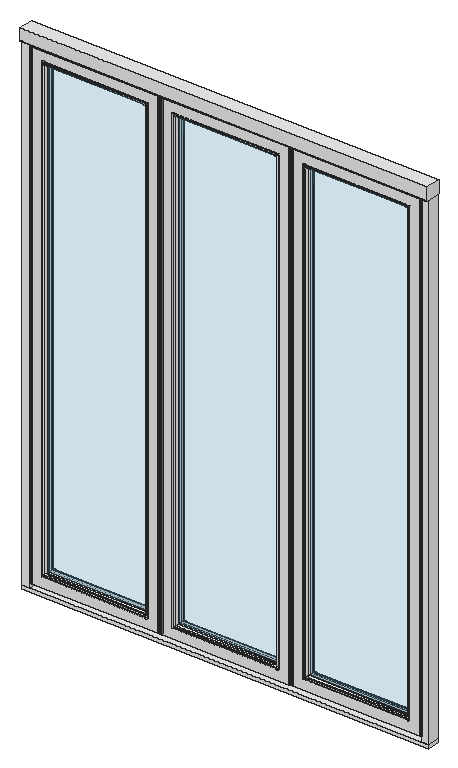
Revit family "Window-NanaWall-WA-67", category Windows, host Wall, Revit 2013 (continued)
Definition of nested family "Header_WA-67"
  Definition of nested family "Header_Nana_Walls-WD-67"
    Lines and regions (in)
      model lines, style "DetailComponents", in view "Ref. Level", visible <- "Half"
        curve 115: arc (-0.63126, -6.91663, 0) -> (-0.67009, -6.90041, 0) -> (-0.71118, -6.89134, 0) r 0.23622
        curve 116: arc (-0.72835, -6.75197, 0) -> (-0.73411, -6.73805, 0) -> (-0.74803, -6.73228, 0) r 0.01969
        curve 117: arc (-0.72835, -6.87182, 0) -> (-0.72344, -6.88482, 0) -> (-0.71118, -6.89134, 0) r 0.01969
        curve 200: line (0.74803, -4.31102, 0) -> (0.71116, -4.31102, 0)
        curve 201: line (0.71116, -4.31102, 0) -> (0.5767, -4.275, 0)
        curve 202: line (0.58078, -4.23533, 0) -> (0.71843, -4.27221, 0)
        curve 203: line (0.57087, -4.24294, 0) -> (0.57087, -4.26739, 0)
        curve 204: line (0.72835, -4.26461, 0) -> (0.72835, -4.24015, 0)
        curve 205: line (0.70866, -4.0748, 0) -> (0.59055, -4.0748, 0)
        curve 206: line (0.72835, -3.99606, 0) -> (0.61024, -3.99606, 0)
        curve 207: line (0.61024, -3.99606, 0) -> (0.61024, -4.03543, 0)
        curve 208: line (0.61024, -4.03543, 0) -> (0.72835, -4.03543, 0)
        curve 209: line (0.72835, -4.03543, 0) -> (0.72835, -3.99606, 0)
        curve 210: line (0.72251, -4.23255, 0) -> (0.5767, -4.19348, 0)
        curve 211: line (0.58078, -4.15381, 0) -> (0.71843, -4.1907, 0)
        curve 212: line (0.57087, -4.16142, 0) -> (0.57087, -4.18587, 0)
        curve 213: line (0.57087, -3.97638, 0) -> (0.57087, -4.05512, 0)
        curve 214: line (0.61024, -3.64173, 0) -> (0.61024, -3.95669, 0)
        curve 215: line (0.61024, -3.95669, 0) -> (0.59055, -3.95669, 0)
        curve 216: line (0.72835, -4.18309, 0) -> (0.72835, -4.09449, 0)
        curve 217: line (0.64961, -3.83858, 0) -> (0.64961, -3.95669, 0)
        curve 218: line (0.64961, -3.95669, 0) -> (0.72835, -3.95669, 0)
        curve 219: line (0.72835, -3.95669, 0) -> (0.72835, -3.83858, 0)
        curve 220: line (0.72835, -3.83858, 0) -> (0.64961, -3.83858, 0)
        curve 221: line (0.64961, -3.6461, 0) -> (0.64961, -3.8189, 0)
        curve 222: line (0.64961, -3.8189, 0) -> (0.72835, -3.8189, 0)
        curve 223: line (0.72835, -3.8189, 0) -> (0.72835, -3.58003, 0)
        curve 224: line (0.72835, -3.58003, 0) -> (0.64961, -3.6461, 0)
        curve 225: line (0.61024, -3.25591, 0) -> (0.61024, -3.39567, 0)
        curve 226: line (0.62992, -3.39567, 0) -> (0.62992, -3.37008, 0)
        curve 227: line (0.67336, -3.60047, 0) -> (0.72835, -3.55433, 0)
        curve 228: line (0.72835, -3.55433, 0) -> (0.72835, -3.29201, 0)
        curve 229: line (0.72835, -3.29201, 0) -> (0.67913, -3.3192, 0)
        curve 230: line (0.67913, -3.3192, 0) -> (0.63386, -3.28113, 0)
        curve 231: line (0.63386, -3.28113, 0) -> (0.63386, -3.33465, 0)
        curve 232: line (0.75537, -3.24943, 0) -> (0.67913, -3.29528, 0)
        curve 233: line (0.67913, -3.29528, 0) -> (0.62258, -3.24943, 0)
        curve 234: line (0.76772, -4.29134, 0) -> (0.76772, -3.25591, 0)
        curve 235: line (-1.08268, -5.40551, 0) -> (-1.08268, -5.27953, 0)
        curve 236: line (-1.08268, -5.27953, 0) -> (-0.86614, -5.27953, 0)
        curve 237: line (-0.86614, -5.27953, 0) -> (-0.86614, -4.49606, 0)
        curve 238: line (-1.03543, -4.49606, 0) -> (-0.58268, -4.49606, 0)
        curve 239: line (-1.03543, -5.16142, 0) -> (-1.03543, -4.80709, 0)
        curve 240: line (-1.03543, -4.88583, 0) -> (-1.16929, -4.88583, 0)
        curve 241: line (-1.16929, -4.88583, 0) -> (-1.16929, -5.08268, 0)
        curve 242: line (-1.16929, -5.08268, 0) -> (-1.03543, -5.08268, 0)
        curve 243: line (-1.16156, -5.23901, 0) -> (-1.16156, -5.4205, 0)
        curve 244: line (-1.11425, -5.43686, 0) -> (-1.13394, -5.43686, 0)
        curve 245: line (-1.11417, -5.40874, 0) -> (-1.13386, -5.40874, 0)
        curve 246: line (-1.0748, -5.20079, 0) -> (-1.1063, -5.20079, 0)
        curve 247: line (-1.0748, -4.76772, 0) -> (-1.1063, -4.76772, 0)
        curve 248: line (-1.16156, -4.72949, 0) -> (-1.16156, -4.548, 0)
        curve 249: line (-1.03543, -4.45669, 0) -> (-1.03543, -4.52756, 0)
        curve 250: line (-1.03543, -4.52756, 0) -> (-1.03543, -4.64567, 0)
        curve 251: line (-1.03543, -4.64567, 0) -> (-1.03543, -4.68898, 0)
        curve 252: line (-1.03543, -4.68898, 0) -> (-1.08268, -4.68898, 0)
        curve 253: line (-1.08268, -4.68898, 0) -> (-1.08268, -4.56299, 0)
        curve 254: line (-1.11417, -4.5315, 0) -> (-1.13386, -4.5315, 0)
        curve 255: line (-1.11417, -4.55977, 0) -> (-1.13386, -4.55977, 0)
        curve 256: line (-0.8189, -4.37795, 0) -> (-0.8189, -4.32677, 0)
        curve 257: line (-0.8189, -4.32677, 0) -> (-0.50394, -4.32677, 0)
        curve 258: line (-0.50394, -4.32677, 0) -> (-0.50394, -4.37795, 0)
        curve 259: line (-0.50394, -4.41732, 0) -> (-0.50394, -4.37795, 0)
        curve 260: line (-0.50394, -4.37795, 0) -> (-0.95669, -4.37795, 0)
        curve 261: line (-0.7189, -4.50067, 0) -> (-0.7189, -4.53082, 0)
        curve 262: line (-0.60394, -4.52824, 0) -> (-0.60394, -4.54724, 0)
        curve 263: line (-0.60394, -4.49606, 0) -> (-0.60394, -4.50437, 0)
        curve 264: line (-0.6983, -4.27686, 0) -> (-0.69956, -4.27024, 0)
        curve 265: line (-0.69956, -4.27024, 0) -> (-0.70841, -4.27189, 0)
        curve 266: line (-0.70841, -4.27189, 0) -> (-0.71789, -4.27406, 0)
        curve 267: line (-0.71789, -4.27406, 0) -> (-0.72806, -4.27686, 0)
        curve 268: line (-1.37795, -4.0374, 0) -> (-1.37795, -4.22638, 0)
        curve 269: line (-1.37795, -4.22638, 0) -> (-1.41732, -4.22638, 0)
        curve 270: line (-1.41732, -4.22638, 0) -> (-1.41732, -4.0374, 0)
        curve 271: line (-1.41732, -4.0374, 0) -> (-1.37795, -4.0374, 0)
        curve 272: line (-1.25984, -4.13189, 0) -> (-1.37795, -4.13189, 0)
        curve 273: line (-1.37795, -4.13189, 0) -> (-1.25984, -4.15272, 0)
        curve 274: line (-1.37795, -4.17187, 0) -> (-1.25984, -4.19269, 0)
        curve 275: line (-1.37795, -4.15188, 0) -> (-1.25984, -4.1727, 0)
        curve 276: line (-1.37795, -4.13189, 0) -> (-1.25984, -4.11106, 0)
        curve 277: line (-1.37795, -4.1119, 0) -> (-1.25984, -4.09108, 0)
        curve 278: line (-1.37795, -4.09191, 0) -> (-1.25984, -4.07109, 0)
        curve 279: line (-0.64173, -5.88583, 0) -> (-0.64173, -6.10236, 0)
        curve 280: line (0.01359, -6.01131, 0) -> (-0.31622, -5.85752, 0)
        curve 281: line (-0.61017, -5.84724, 0) -> (-0.36613, -5.84646, 0)
        curve 282: line (-0.80709, -5.96457, 0) -> (-0.80709, -5.95276, 0)
        curve 283: line (-0.64173, -5.94488, 0) -> (-0.79921, -5.94488, 0)
        curve 284: line (-0.64961, -6.20079, 0) -> (-0.33465, -6.20079, 0)
        curve 285: line (-0.33465, -6.20079, 0) -> (-0.33465, -6.25197, 0)
        curve 286: line (-0.33465, -6.25197, 0) -> (-0.64961, -6.25197, 0)
        curve 287: line (-0.64961, -6.25197, 0) -> (-0.64961, -6.20079, 0)
        curve 288: line (-0.78402, -6.09447, 0) -> (-0.6811, -6.12205, 0)
        curve 289: line (-0.6811, -6.12205, 0) -> (-0.16929, -6.12205, 0)
        curve 290: line (-0.16929, -6.12205, 0) -> (-0.16929, -6.16929, 0)
        curve 291: line (-0.16929, -6.16929, 0) -> (-0.22835, -6.16929, 0)
        curve 292: line (0.05906, -6.08268, 0) -> (0.05906, -6.2126, 0)
        curve 293: line (-0.22835, -6.25197, 0) -> (0.01969, -6.25197, 0)
        curve 294: line (-0.24803, -6.18898, 0) -> (-0.24803, -6.23228, 0)
        curve 295: line (-0.75591, -6.05512, 0) -> (-0.75591, -6.0748, 0)
        curve 296: line (-0.75591, -6.0748, 0) -> (-0.6811, -6.0748, 0)
        curve 297: line (-0.6811, -6.0748, 0) -> (-0.6811, -6.00394, 0)
        curve 298: line (-0.6811, -6.00394, 0) -> (-0.76772, -6.00394, 0)
        curve 299: line (-0.76181, -6.05171, 0) -> (-0.78768, -6.06664, 0)
        curve 300: line (-0.45525, -6.30188, 0) -> (-0.45399, -6.3085, 0)
        curve 301: line (-0.45399, -6.3085, 0) -> (-0.44516, -6.30685, 0)
        curve 302: line (-0.44516, -6.30685, 0) -> (-0.43568, -6.30469, 0)
        curve 303: line (-0.43568, -6.30469, 0) -> (-0.42548, -6.30188, 0)
        curve 304: line (0.41366, -7.09251, 0) -> (0.44021, -6.99423, 0)
        curve 305: line (0.44021, -6.99423, 0) -> (0.42126, -6.99423, 0)
        curve 306: line (0.53717, -6.82455, 0) -> (0.58972, -6.85103, 0)
        curve 307: line (0.43939, -6.81017, 0) -> (0.43011, -6.77644, 0)
        curve 308: line (0.59055, -6.81028, 0) -> (0.59055, -6.81885, 0)
        curve 309: line (0.58268, -6.9102, 0) -> (0.55933, -6.9102, 0)
        curve 310: line (0.55933, -6.9102, 0) -> (0.5887, -6.94503, 0)
        curve 311: line (0.58268, -6.86242, 0) -> (0.55933, -6.86242, 0)
        curve 312: line (0.55933, -6.86242, 0) -> (0.5887, -6.89725, 0)
        curve 313: line (0.41366, -6.87611, 0) -> (0.4395, -6.85918, 0)
        curve 314: line (0.41366, -6.98431, 0) -> (0.44021, -6.88604, 0)
        curve 315: line (0.44021, -6.88604, 0) -> (0.42126, -6.88604, 0)
        curve 316: line (0.61697, -7.02504, 0) -> (0.62611, -7.02172, 0)
        curve 317: line (0.59079, -7.0096, 0) -> (0.58268, -6.95798, 0)
        curve 318: line (-0.80709, -6.96063, 0) -> (-0.80709, -6.92913, 0)
        curve 319: line (-0.80709, -6.92913, 0) -> (-0.76772, -6.92913, 0)
        curve 320: line (-0.76772, -6.92913, 0) -> (-0.80709, -6.92913, 0)
        curve 321: line (-0.82002, -6.96666, 0) -> (-0.85911, -6.93386, 0)
        curve 322: line (-0.62992, -7.08661, 0) -> (-0.66317, -7.08661, 0)
        curve 323: line (-0.76772, -7.0192, 0) -> (-0.76772, -6.92913, 0)
        curve 324: line (-0.61024, -6.95146, 0) -> (-0.61024, -7.06693, 0)
        curve 325: line (-0.81693, -6.82178, 0) -> (-0.8563, -6.79905, 0)
        curve 326: line (-0.80709, -6.74016, 0) -> (-0.80709, -6.77165, 0)
        curve 327: line (-0.80709, -6.86196, 0) -> (-0.80709, -6.83883, 0)
        curve 328: line (-0.85911, -6.76692, 0) -> (-0.82002, -6.73413, 0)
        curve 329: line (-0.8563, -6.90174, 0) -> (-0.81693, -6.87901, 0)
        curve 330: line (-0.76772, -6.77165, 0) -> (-0.80709, -6.77165, 0)
        curve 331: line (-0.80709, -6.77165, 0) -> (-0.76772, -6.77165, 0)
        curve 332: line (-0.76772, -6.77165, 0) -> (-0.76772, -6.73228, 0)
        curve 333: line (-0.76772, -6.73228, 0) -> (-0.74803, -6.73228, 0)
        curve 334: line (-0.72835, -6.75197, 0) -> (-0.72835, -6.87182, 0)
        curve 335: line (-0.55877, -6.30188, 0) -> (-0.54857, -6.30469, 0)
        curve 336: line (-0.54857, -6.30469, 0) -> (-0.53909, -6.30685, 0)
        curve 337: line (-0.53909, -6.30685, 0) -> (-0.53027, -6.3085, 0)
        curve 338: line (-0.53027, -6.3085, 0) -> (-0.52901, -6.30188, 0)
        curve 339: line (-0.59478, -4.27686, 0) -> (-0.60495, -4.27406, 0)
        curve 340: line (-0.60495, -4.27406, 0) -> (-0.61443, -4.27189, 0)
        curve 341: line (-0.61443, -4.27189, 0) -> (-0.62328, -4.27024, 0)
        curve 342: line (-0.62328, -4.27024, 0) -> (-0.62454, -4.27686, 0)
        curve 343: line (-1.24016, -6.3189, 0) -> (1.35827, -6.3189, 0)
        curve 344: line (1.35827, -6.3189, 0) -> (1.35827, -3.24803, 0)
        curve 345: line (1.35827, -3.24803, 0) -> (-1.24016, -3.24803, 0)
        curve 346: line (-1.24016, -3.24803, 0) -> (-1.24016, -6.3189, 0)
        curve 433: arc (-0.94488, -3.95669, 0) -> (-0.9588, -3.96246, 0) -> (-0.96457, -3.97638, 0) r 0.01969
        curve 434: arc (-1.14173, -3.97638, 0) -> (-1.1475, -3.96246, 0) -> (-1.16142, -3.95669, 0) r 0.01969
        curve 435: arc (-1.20079, -4.12598, 0) -> (-1.19502, -4.1399, 0) -> (-1.1811, -4.14567, 0) r 0.01969
        curve 436: arc (-1.1752, -4.08661, 0) -> (-1.16128, -4.08085, 0) -> (-1.15551, -4.06693, 0) r 0.01969
        curve 437: arc (-0.93307, -4.2126, 0) -> (-0.88574, -4.193, 0) -> (-0.86614, -4.14567, 0) r 0.06693
        curve 438: arc (-0.9252, -4.14567, 0) -> (-0.91128, -4.1399, 0) -> (-0.90551, -4.12598, 0) r 0.01969
        curve 439: arc (-0.95079, -4.06693, 0) -> (-0.94502, -4.08085, 0) -> (-0.9311, -4.08661, 0) r 0.01969
        curve 440: arc (-1.04331, -4.52756, 0) -> (-1.0606, -4.4858, 0) -> (-1.10236, -4.4685, 0) r 0.05906
        curve 441: arc (-1.08268, -6.29921, 0) -> (-1.07691, -6.31313, 0) -> (-1.06299, -6.3189, 0) r 0.01969
        curve 442: arc (-0.98425, -6.3189, 0) -> (-0.96457, -6.29921, 0) -> (-0.98425, -6.27953, 0) r 0.01969
        curve 443: arc (-0.80709, -6.01181, 0) -> (-0.83493, -6.02334, 0) -> (-0.84646, -6.05118, 0) r 0.03937
        curve 444: arc (-0.69905, -6.04941, 0) -> (-0.68966, -6.02674, 0) -> (-0.70912, -6.01181, 0) r 0.02015
        curve 445: arc (-0.31496, -6.25984, 0) -> (-0.29766, -6.3016, 0) -> (-0.25591, -6.3189, 0) r 0.05906
        curve 446: arc (-0.19685, -6.16929, 0) -> (-0.17717, -6.14961, 0) -> (-0.19685, -6.12992, 0) r 0.01969
        curve 447: arc (-1.10236, -5.50394, 0) -> (-1.0606, -5.48664, 0) -> (-1.04331, -5.44488, 0) r 0.05906
        curve 448: arc (-0.76772, -6.73228, 0) -> (-0.78271, -6.69609, 0) -> (-0.8189, -6.6811, 0) r 0.05118
        curve 449: arc (-0.88583, -6.6811, 0) -> (-0.92759, -6.6984, 0) -> (-0.94488, -6.74016, 0) r 0.05906
        curve 450: arc (-1.16929, -6.75197, 0) -> (-1.10933, -6.89673, 0) -> (-0.96457, -6.95669, 0) r 0.20472
        curve 451: arc (-1.24016, -6.75197, 0) -> (-1.15944, -6.94684, 0) -> (-0.96457, -7.02756, 0) r 0.27559
        curve 452: arc (-0.95276, -6.95669, 0) -> (-0.94719, -6.95439, 0) -> (-0.94488, -6.94882, 0) r 0.00787
        curve 453: arc (-1.10236, -6.68504, 0) -> (-1.0606, -6.66774, 0) -> (-1.04331, -6.62598, 0) r 0.05906
        curve 456: arc (-0.76772, -4.54724, 0) -> (-0.83731, -4.57607, 0) -> (-0.86614, -4.64567, 0) r 0.09843
        curve 457: arc (0.86614, -3.24803, 0) -> (0.79654, -3.27686, 0) -> (0.76772, -3.34646, 0) r 0.09843
        curve 458: arc (1.35827, -3.34646, 0) -> (1.32944, -3.27686, 0) -> (1.25984, -3.24803, 0) r 0.09843
        curve 459: arc (1.27953, -6.3189, 0) -> (1.33521, -6.29584, 0) -> (1.35827, -6.24016, 0) r 0.07874
        curve 460: arc (1.27953, -6.3189, 0) -> (1.33521, -6.29584, 0) -> (1.35827, -6.24016, 0) r 0.07874
        curve 461: arc (0.86931, -6.3189, 0) -> (0.88196, -6.31429, 0) -> (0.8887, -6.30263, 0) r 0.01969
        curve 462: arc (0.9197, -6.22047, 0) -> (0.90705, -6.22508, 0) -> (0.90031, -6.23674, 0) r 0.01969
        curve 463: arc (1.06012, -6.30263, 0) -> (1.06686, -6.31429, 0) -> (1.07951, -6.3189, 0) r 0.01969
        curve 464: arc (1.04851, -6.23674, 0) -> (1.04177, -6.22508, 0) -> (1.02912, -6.22047, 0) r 0.01969
        curve 687: line (-0.94488, -3.95669, 0) -> (-0.86614, -3.95669, 0)
        curve 688: line (-0.86614, -3.95669, 0) -> (-0.86614, -4.14567, 0)
        curve 689: line (-1.24016, -6.75197, 0) -> (-1.24016, -3.95669, 0)
        curve 690: line (-1.24016, -3.95669, 0) -> (-1.16142, -3.95669, 0)
        curve 691: line (-0.93307, -4.2126, 0) -> (-1.16929, -4.2126, 0)
        curve 692: line (-1.16929, -4.2126, 0) -> (-1.16929, -4.4685, 0)
        curve 693: line (-1.16929, -4.4685, 0) -> (-1.10236, -4.4685, 0)
        curve 694: line (-1.1811, -4.14567, 0) -> (-0.9252, -4.14567, 0)
        curve 695: line (-1.14173, -3.97638, 0) -> (-1.14173, -3.99606, 0)
        curve 696: line (-1.14173, -3.99606, 0) -> (-1.20079, -3.99606, 0)
        curve 697: line (-1.20079, -3.99606, 0) -> (-1.20079, -4.04724, 0)
        curve 698: line (-1.20079, -4.04724, 0) -> (-1.15551, -4.04724, 0)
        curve 699: line (-1.15551, -4.04724, 0) -> (-1.15551, -4.06693, 0)
        curve 700: line (-1.1752, -4.08661, 0) -> (-1.20079, -4.08661, 0)
        curve 701: line (-1.20079, -4.08661, 0) -> (-1.20079, -4.12598, 0)
        curve 702: line (-0.95079, -4.06693, 0) -> (-0.95079, -4.04724, 0)
        curve 703: line (-0.95079, -4.04724, 0) -> (-0.90551, -4.04724, 0)
        curve 704: line (-0.90551, -4.04724, 0) -> (-0.90551, -3.99606, 0)
        curve 705: line (-0.90551, -3.99606, 0) -> (-0.96457, -3.99606, 0)
        curve 706: line (-0.96457, -3.99606, 0) -> (-0.96457, -3.97638, 0)
        curve 707: line (-0.90551, -4.12598, 0) -> (-0.90551, -4.08661, 0)
        curve 708: line (-0.90551, -4.08661, 0) -> (-0.9311, -4.08661, 0)
        curve 709: line (-1.10236, -5.50394, 0) -> (-1.16929, -5.50394, 0)
        curve 710: line (-1.16929, -5.50394, 0) -> (-1.16929, -6.12992, 0)
        curve 711: line (-1.16929, -6.12992, 0) -> (-0.84646, -6.12992, 0)
        curve 712: line (-0.84646, -6.12992, 0) -> (-0.84646, -6.05118, 0)
        curve 713: line (-0.70912, -6.01181, 0) -> (-0.80709, -6.01181, 0)
        curve 714: line (-0.19685, -6.12992, 0) -> (-0.80709, -6.12992, 0)
        curve 715: line (-0.80709, -6.12992, 0) -> (-0.80709, -6.05118, 0)
        curve 716: line (-0.80709, -6.05118, 0) -> (-0.74803, -6.05118, 0)
        curve 717: line (-0.74803, -6.05118, 0) -> (-0.74803, -6.07087, 0)
        curve 718: line (-1.06299, -6.3189, 0) -> (-0.98425, -6.3189, 0)
        curve 719: line (-0.98425, -6.27953, 0) -> (-1.04331, -6.27953, 0)
        curve 720: line (-1.04331, -6.27953, 0) -> (-1.04331, -6.20079, 0)
        curve 721: line (-1.04331, -6.20079, 0) -> (-0.51258, -6.20079, 0)
        curve 722: line (-0.51258, -6.20079, 0) -> (-0.49213, -6.18898, 0)
        curve 723: line (-0.49213, -6.18898, 0) -> (-0.47167, -6.20079, 0)
        curve 724: line (-0.47167, -6.20079, 0) -> (-0.31496, -6.20079, 0)
        curve 725: line (-0.31496, -6.20079, 0) -> (-0.31496, -6.25984, 0)
        curve 726: line (-0.74304, -6.0748, 0) -> (-0.69905, -6.04941, 0)
        curve 727: line (-0.25591, -6.3189, 0) -> (-0.17717, -6.3189, 0)
        curve 728: line (-0.17717, -6.3189, 0) -> (-0.17717, -6.25984, 0)
        curve 729: line (-0.17717, -6.25984, 0) -> (-0.25591, -6.25984, 0)
        curve 730: line (-0.25591, -6.25984, 0) -> (-0.25591, -6.16929, 0)
        curve 731: line (-0.25591, -6.16929, 0) -> (-0.19685, -6.16929, 0)
        curve 732: line (-1.04331, -5.44488, 0) -> (-1.04331, -5.32677, 0)
        curve 733: line (-1.04331, -5.32677, 0) -> (-1.08268, -5.32677, 0)
        curve 734: line (-1.08268, -5.32677, 0) -> (-1.08268, -5.44488, 0)
        curve 735: line (-1.08268, -5.44488, 0) -> (-1.16929, -5.44488, 0)
        curve 736: line (-1.16929, -5.44488, 0) -> (-1.16929, -4.52756, 0)
        curve 737: line (-1.16929, -4.52756, 0) -> (-1.08268, -4.52756, 0)
        curve 738: line (-1.08268, -4.52756, 0) -> (-1.08268, -4.64567, 0)
        curve 739: line (-1.08268, -4.64567, 0) -> (-1.04331, -4.64567, 0)
        curve 740: line (-1.04331, -4.64567, 0) -> (-1.04331, -4.52756, 0)
        curve 741: line (-0.76772, -6.73228, 0) -> (-0.76772, -6.77165, 0)
        curve 742: line (-0.76772, -6.77165, 0) -> (-0.80709, -6.77165, 0)
        curve 743: line (-0.80709, -6.77165, 0) -> (-0.76772, -6.77165, 0)
        curve 744: line (-0.76772, -6.77165, 0) -> (-0.76772, -6.73228, 0)
        curve 745: line (-0.76772, -7.0192, 0) -> (-0.76772, -6.92913, 0)
        curve 746: line (-0.76772, -6.92913, 0) -> (-0.76772, -7.02756, 0)
        curve 747: line (-0.76772, -7.02756, 0) -> (-0.96457, -7.02756, 0)
        curve 748: line (-1.10236, -6.68504, 0) -> (-1.16929, -6.68504, 0)
        curve 749: line (-1.16929, -6.68504, 0) -> (-1.16929, -6.75197, 0)
        curve 750: line (-0.96457, -6.95669, 0) -> (-0.95276, -6.95669, 0)
        curve 751: line (-0.94488, -6.94882, 0) -> (-0.94488, -6.74016, 0)
        curve 752: line (-0.80709, -6.74016, 0) -> (-0.80709, -6.77165, 0)
        curve 753: line (-0.80709, -6.77165, 0) -> (-0.80709, -6.73228, 0)
        curve 754: line (-0.80709, -6.73228, 0) -> (-0.88583, -6.73228, 0)
        curve 755: line (-0.88583, -6.73228, 0) -> (-0.88583, -6.9685, 0)
        curve 756: line (-0.88583, -6.9685, 0) -> (-0.80709, -6.9685, 0)
        curve 757: line (-0.80709, -6.9685, 0) -> (-0.80709, -6.92913, 0)
        curve 758: line (-0.80709, -6.92913, 0) -> (-0.76772, -6.92913, 0)
        curve 759: line (-0.76772, -6.92913, 0) -> (-0.80709, -6.92913, 0)
        curve 760: line (-0.80709, -6.92913, 0) -> (-0.80709, -6.96063, 0)
        curve 761: line (-1.04331, -6.62598, 0) -> (-1.04331, -6.54724, 0)
        curve 762: line (-1.04331, -6.54724, 0) -> (-1.08268, -6.54724, 0)
        curve 763: line (-1.08268, -6.54724, 0) -> (-1.08268, -6.62598, 0)
        curve 764: line (-1.08268, -6.62598, 0) -> (-1.16929, -6.62598, 0)
        curve 765: line (-1.16929, -6.62598, 0) -> (-1.16929, -6.22047, 0)
        curve 766: line (-1.16929, -6.22047, 0) -> (-1.08268, -6.22047, 0)
        curve 767: line (-1.08268, -6.22047, 0) -> (-1.08268, -6.29921, 0)
        curve 768: line (-0.88583, -6.6811, 0) -> (-0.8189, -6.6811, 0)
        curve 802: line (1.35827, -3.34646, 0) -> (1.35827, -6.24016, 0)
        curve 803: line (0.86931, -6.3189, 0) -> (0.05906, -6.3189, 0)
        curve 804: line (0.05906, -6.3189, 0) -> (0.05906, -6.00394, 0)
        curve 805: line (0.05906, -6.00394, 0) -> (-0.27866, -5.84646, 0)
        curve 806: line (-0.27866, -5.84646, 0) -> (-0.61024, -5.84646, 0)
        curve 807: line (-0.61024, -5.84646, 0) -> (-0.86614, -5.72713, 0)
        curve 808: line (-0.86614, -5.72713, 0) -> (-0.86614, -4.64567, 0)
        curve 809: line (0.76772, -3.34646, 0) -> (0.76772, -4.31102, 0)
        curve 810: line (0.76772, -4.31102, 0) -> (0.57087, -4.31102, 0)
        curve 811: line (0.57087, -4.31102, 0) -> (0.57087, -3.95669, 0)
        curve 812: line (0.57087, -3.95669, 0) -> (0.15748, -3.95669, 0)
        curve 813: line (0.15748, -3.95669, 0) -> (0.15748, -4.15354, 0)
        curve 814: line (0.15748, -4.15354, 0) -> (0, -4.15354, 0)
        curve 815: line (0, -4.15354, 0) -> (0, -3.95669, 0)
        curve 816: line (0, -3.95669, 0) -> (-0.49213, -3.95669, 0)
        curve 817: line (-0.49213, -3.95669, 0) -> (-0.49213, -4.54724, 0)
        curve 818: line (-0.49213, -4.54724, 0) -> (-0.76772, -4.54724, 0)
        curve 819: line (0.86614, -3.24803, 0) -> (1.25984, -3.24803, 0)
        curve 820: line (0.9197, -6.22047, 0) -> (1.02912, -6.22047, 0)
        curve 821: line (1.02912, -6.22047, 0) -> (0.9197, -6.22047, 0)
        curve 822: line (0.8887, -6.30263, 0) -> (0.90031, -6.23674, 0)
        curve 823: line (1.11866, -6.3189, 0) -> (1.07951, -6.3189, 0)
        curve 824: line (1.07951, -6.3189, 0) -> (1.27953, -6.3189, 0)
        curve 825: line (1.06012, -6.30263, 0) -> (1.04851, -6.23674, 0)
        curve 826: line (0.43307, -6.3189, 0) -> (1.33858, -6.3189, 0)
        curve 827: line (1.33858, -6.3189, 0) -> (1.33858, -6.67662, 0)
        curve 828: arc (1.33858, -6.67662, 0) -> (1.28332, -6.82846, 0) -> (1.14338, -6.90925, 0) r 0.23622
        curve 829: line (1.14338, -6.90925, 0) -> (0.59055, -7.02756, 0)
        curve 830: line (0.59055, -7.02756, 0) -> (0.59055, -6.7126, 0)
        curve 831: line (0.59055, -6.7126, 0) -> (0.43307, -6.7126, 0)
        curve 832: line (0.43307, -6.7126, 0) -> (0.43307, -6.3189, 0)
        curve 833: line (0.43307, -6.3189, 0) -> (1.25984, -6.3189, 0)
        curve 834: line (1.33858, -6.39764, 0) -> (1.33858, -6.67662, 0)
        curve 835: arc (1.25984, -6.3189, 0) -> (1.31552, -6.34196, 0) -> (1.33858, -6.39764, 0) r 0.07874
      model lines, style "DetailComponents", in view "Ref. Level"
        curve 2: arc (1.11024, -2.55906, 0) -> (1.07564, -2.47554, 0) -> (0.99213, -2.44094, 0) r 0.11811
        curve 3: line (1.07087, -2.55906, 0) -> (0.95042, -2.44094, 0)
        curve 4: arc (-0.87402, -2.44094, 0) -> (-0.95753, -2.47554, 0) -> (-0.99213, -2.55906, 0) r 0.11811
        curve 5: line (-0.95276, -2.55906, 0) -> (-0.83231, -2.44094, 0)
        curve 6: arc (-0.41685, -2.95323, 0) -> (-0.41428, -2.94036, 0) -> (-0.4252, -2.93307, 0) r 0.01181
        curve 7: arc (-0.48386, -3.00394, 0) -> (-0.46879, -3.00094, 0) -> (-0.45602, -2.99241, 0) r 0.03937
        curve 8: arc (-0.46457, -2.88583, 0) -> (-0.47292, -2.88929, 0) -> (-0.47638, -2.89764, 0) r 0.01181
        curve 9: arc (-0.46457, -2.88583, 0) -> (-0.45316, -2.87707, 0) -> (-0.45866, -2.86379, 0) r 0.01181
        curve 10: arc (-0.52756, -2.95669, 0) -> (-0.51921, -2.95323, 0) -> (-0.51575, -2.94488, 0) r 0.01181
        curve 11: arc (-0.6063, -2.94488, 0) -> (-0.60284, -2.95323, 0) -> (-0.59449, -2.95669, 0) r 0.01181
        curve 12: arc (-0.51575, -2.88583, 0) -> (-0.51921, -2.87748, 0) -> (-0.52756, -2.87402, 0) r 0.01181
        curve 13: arc (-0.66339, -2.86379, 0) -> (-0.66889, -2.87707, 0) -> (-0.65748, -2.88583, 0) r 0.01181
        curve 14: arc (-0.64567, -2.89764, 0) -> (-0.64913, -2.88929, 0) -> (-0.65748, -2.88583, 0) r 0.01181
        curve 15: arc (-0.59449, -2.87402, 0) -> (-0.60284, -2.87748, 0) -> (-0.6063, -2.88583, 0) r 0.01181
        curve 16: arc (-1.41535, -2.93307, 0) -> (-1.42716, -2.94452, 0) -> (-1.41608, -2.95667, 0) r 0.01181
        curve 17: arc (0.54331, -2.93307, 0) -> (0.5324, -2.94036, 0) -> (0.53496, -2.95323, 0) r 0.01181
        curve 18: arc (0.57413, -2.99241, 0) -> (0.5869, -3.00094, 0) -> (0.60197, -3.00394, 0) r 0.03937
        curve 19: arc (0.59449, -2.89764, 0) -> (0.59103, -2.88929, 0) -> (0.58268, -2.88583, 0) r 0.01181
        curve 20: arc (0.57677, -2.86379, 0) -> (0.57127, -2.87707, 0) -> (0.58268, -2.88583, 0) r 0.01181
        curve 21: arc (0.63386, -2.94488, 0) -> (0.63732, -2.95323, 0) -> (0.64567, -2.95669, 0) r 0.01181
        curve 22: arc (0.7126, -2.95669, 0) -> (0.72095, -2.95323, 0) -> (0.72441, -2.94488, 0) r 0.01181
        curve 23: arc (0.64567, -2.87402, 0) -> (0.63732, -2.87748, 0) -> (0.63386, -2.88583, 0) r 0.01181
        curve 24: arc (0.77559, -2.88583, 0) -> (0.787, -2.87707, 0) -> (0.7815, -2.86379, 0) r 0.01181
        curve 25: arc (0.77559, -2.88583, 0) -> (0.76724, -2.88929, 0) -> (0.76378, -2.89764, 0) r 0.01181
        curve 26: arc (0.72441, -2.88583, 0) -> (0.72095, -2.87748, 0) -> (0.7126, -2.87402, 0) r 0.01181
        curve 27: arc (1.53419, -2.95667, 0) -> (1.54527, -2.94452, 0) -> (1.53346, -2.93307, 0) r 0.01181
        curve 118: line (1.11024, -2.75591, 0) -> (1.11024, -2.55906, 0)
        curve 119: line (1.11024, -2.55906, 0) -> (1.07087, -2.55906, 0)
        curve 120: line (1.07087, -2.55906, 0) -> (1.07087, -2.71654, 0)
        curve 121: line (1.07087, -2.71654, 0) -> (1.02362, -2.71654, 0)
        curve 122: line (1.07087, -2.71654, 0) -> (1.11024, -2.75591, 0)
        curve 123: line (1.11024, -2.75591, 0) -> (0.98426, -2.75591, 0)
        curve 124: line (0.98426, -2.75591, 0) -> (0.98426, -2.59843, 0)
        curve 125: line (1.02362, -2.55906, 0) -> (0.98621, -2.59843, 0)
        curve 126: line (0.98621, -2.59843, 0) -> (0.7874, -2.59843, 0)
        curve 127: line (0.98453, -2.75768, 0) -> (1.02362, -2.71654, 0)
        curve 128: line (1.02362, -2.71654, 0) -> (1.02362, -2.55906, 0)
        curve 129: line (1.02362, -2.55906, 0) -> (0.7874, -2.55906, 0)
        curve 130: line (0.7874, -2.55906, 0) -> (0.7874, -2.66142, 0)
        curve 131: line (0.7874, -2.66142, 0) -> (0.7874, -2.71654, 0)
        curve 132: line (0.7874, -2.71654, 0) -> (0.66929, -2.71654, 0)
        curve 133: line (0.66929, -2.71654, 0) -> (0.66929, -2.55906, 0)
        curve 134: line (0.66929, -2.55906, 0) -> (0.54331, -2.55906, 0)
        curve 135: line (0.54331, -2.55906, 0) -> (0.54331, -2.48031, 0)
        curve 136: line (0.54331, -2.48031, 0) -> (0.66929, -2.48031, 0)
        curve 137: line (0.66929, -2.48031, 0) -> (0.66929, -2.32283, 0)
        curve 138: line (0.66929, -2.32283, 0) -> (0.7874, -2.32283, 0)
        curve 139: line (0.7874, -2.32283, 0) -> (0.7874, -2.44094, 0)
        curve 140: line (0.7874, -2.44094, 0) -> (0.99213, -2.44094, 0)
        curve 141: line (0.58268, -2.48031, 0) -> (0.58268, -2.55906, 0)
        curve 142: line (0.66929, -2.67717, 0) -> (0.7874, -2.67717, 0)
        curve 143: line (0.98453, -2.59843, 0) -> (0.98453, -2.75768, 0)
        curve 144: line (0.7874, -2.3622, 0) -> (0.66929, -2.3622, 0)
        curve 145: line (-0.99213, -2.75591, 0) -> (-0.99213, -2.55906, 0)
        curve 146: line (-0.99213, -2.55906, 0) -> (-0.95276, -2.55906, 0)
        curve 147: line (-0.95276, -2.55906, 0) -> (-0.95276, -2.71654, 0)
        curve 148: line (-0.95276, -2.71654, 0) -> (-0.90551, -2.71654, 0)
        curve 149: line (-0.95276, -2.71654, 0) -> (-0.99213, -2.75591, 0)
        curve 150: line (-0.99213, -2.75591, 0) -> (-0.86615, -2.75591, 0)
        curve 151: line (-0.86615, -2.75591, 0) -> (-0.86615, -2.59843, 0)
        curve 152: line (-0.90551, -2.55906, 0) -> (-0.8681, -2.59843, 0)
        curve 153: line (-0.8681, -2.59843, 0) -> (-0.66929, -2.59843, 0)
        curve 154: line (-0.86642, -2.75768, 0) -> (-0.90551, -2.71654, 0)
        curve 155: line (-0.90551, -2.71654, 0) -> (-0.90551, -2.55906, 0)
        curve 156: line (-0.90551, -2.55906, 0) -> (-0.66929, -2.55906, 0)
        curve 157: line (-0.66929, -2.55906, 0) -> (-0.66929, -2.66142, 0)
        curve 158: line (-0.66929, -2.66142, 0) -> (-0.66929, -2.71654, 0)
        curve 159: line (-0.66929, -2.71654, 0) -> (-0.55118, -2.71654, 0)
        curve 160: line (-0.55118, -2.71654, 0) -> (-0.55118, -2.55906, 0)
        curve 161: line (-0.55118, -2.55906, 0) -> (-0.4252, -2.55906, 0)
        curve 162: line (-0.4252, -2.55906, 0) -> (-0.4252, -2.48031, 0)
        curve 163: line (-0.4252, -2.48031, 0) -> (-0.55118, -2.48031, 0)
        curve 164: line (-0.55118, -2.48031, 0) -> (-0.55118, -2.32283, 0)
        curve 165: line (-0.55118, -2.32283, 0) -> (-0.66929, -2.32283, 0)
        curve 166: line (-0.66929, -2.32283, 0) -> (-0.66929, -2.44094, 0)
        curve 167: line (-0.66929, -2.44094, 0) -> (-0.87402, -2.44094, 0)
        curve 168: line (-0.46457, -2.48031, 0) -> (-0.46457, -2.55906, 0)
        curve 169: line (-0.55118, -2.67717, 0) -> (-0.66929, -2.67717, 0)
        curve 170: line (-0.86642, -2.59843, 0) -> (-0.86642, -2.75768, 0)
        curve 171: line (-0.66929, -2.3622, 0) -> (-0.55118, -2.3622, 0)
        curve 172: line (-0.66339, -2.86379, 0) -> (-0.61291, -2.83465, 0)
        curve 173: line (-0.61291, -2.83465, 0) -> (-0.50914, -2.83465, 0)
        curve 174: line (-0.50914, -2.83465, 0) -> (-0.45866, -2.86379, 0)
        curve 175: line (-1.41608, -2.95667, 0) -> (-0.64328, -3.00394, 0)
        curve 176: line (-0.64328, -3.00394, 0) -> (-0.48386, -3.00394, 0)
        curve 177: line (-0.47638, -2.89764, 0) -> (-0.47638, -2.93307, 0)
        curve 178: line (-0.47638, -2.93307, 0) -> (-0.4252, -2.93307, 0)
        curve 179: line (-0.45602, -2.99241, 0) -> (-0.41685, -2.95323, 0)
        curve 180: line (-0.64567, -2.89764, 0) -> (-0.64567, -2.93307, 0)
        curve 181: line (-0.64567, -2.93307, 0) -> (-1.41535, -2.93307, 0)
        curve 182: line (-0.6063, -2.94488, 0) -> (-0.6063, -2.88583, 0)
        curve 183: line (-0.51575, -2.88583, 0) -> (-0.51575, -2.94488, 0)
        curve 184: line (-0.52756, -2.95669, 0) -> (-0.59449, -2.95669, 0)
        curve 185: line (-0.59449, -2.87402, 0) -> (-0.52756, -2.87402, 0)
        curve 186: line (0.7815, -2.86379, 0) -> (0.73102, -2.83465, 0)
        curve 187: line (0.73102, -2.83465, 0) -> (0.62725, -2.83465, 0)
        curve 188: line (0.62725, -2.83465, 0) -> (0.57677, -2.86379, 0)
        curve 189: line (1.53419, -2.95667, 0) -> (0.76139, -3.00394, 0)
        curve 190: line (0.76139, -3.00394, 0) -> (0.60197, -3.00394, 0)
        curve 191: line (0.59449, -2.89764, 0) -> (0.59449, -2.93307, 0)
        curve 192: line (0.59449, -2.93307, 0) -> (0.54331, -2.93307, 0)
        curve 193: line (0.57413, -2.99241, 0) -> (0.53496, -2.95323, 0)
        curve 194: line (0.76378, -2.89764, 0) -> (0.76378, -2.93307, 0)
        curve 195: line (0.76378, -2.93307, 0) -> (1.53346, -2.93307, 0)
        curve 196: line (0.72441, -2.94488, 0) -> (0.72441, -2.88583, 0)
        curve 197: line (0.63386, -2.88583, 0) -> (0.63386, -2.94488, 0)
        curve 198: line (0.64567, -2.95669, 0) -> (0.7126, -2.95669, 0)
        curve 199: line (0.7126, -2.87402, 0) -> (0.64567, -2.87402, 0)
        curve 347: arc (0.85433, -2.8937, 0) -> (0.86586, -2.92154, 0) -> (0.8937, -2.93307, 0) r 0.03937
        curve 348: arc (0.8937, -2.59843, 0) -> (0.86586, -2.60996, 0) -> (0.85433, -2.6378, 0) r 0.03937
        curve 349: arc (0.99213, -2.6378, 0) -> (0.98059, -2.60996, 0) -> (0.95276, -2.59843, 0) r 0.03937
        curve 350: arc (1.25984, -2.93307, 0) -> (1.27376, -2.92731, 0) -> (1.27953, -2.91339, 0) r 0.01969
        curve 351: arc (1.35827, -2.65748, 0) -> (1.37219, -2.65171, 0) -> (1.37795, -2.6378, 0) r 0.01969
        curve 352: arc (1.37795, -2.27756, 0) -> (1.37219, -2.26364, 0) -> (1.35827, -2.25787, 0) r 0.01969
        curve 353: arc (1.35827, -1.95472, 0) -> (1.37219, -1.94896, 0) -> (1.37795, -1.93504, 0) r 0.01969
        curve 354: arc (0.77019, -0.49213, 0) -> (0.67648, -0.53834, 0) -> (0.6561, -0.64081, 0) r 0.11811
        curve 355: arc (0.77199, -0.61024, 0) -> (0.75637, -0.61794, 0) -> (0.75298, -0.63502, 0) r 0.01969
        curve 356: arc (1.12205, -0.68898, 0) -> (1.11052, -0.66114, 0) -> (1.08268, -0.64961, 0) r 0.03937
        curve 357: arc (1.37795, -1.21457, 0) -> (1.37219, -1.20065, 0) -> (1.35827, -1.19488, 0) r 0.01969
        curve 358: arc (1.35827, -0.89173, 0) -> (1.37219, -0.88597, 0) -> (1.37795, -0.87205, 0) r 0.01969
        curve 359: arc (1.14173, -0.05906, 0) -> (1.12781, -0.06482, 0) -> (1.12205, -0.07874, 0) r 0.01969
        curve 360: arc (1.37795, -0.07874, 0) -> (1.37219, -0.06482, 0) -> (1.35827, -0.05906, 0) r 0.01969
        curve 361: arc (1.37795, -2.83465, 0) -> (1.40678, -2.90424, 0) -> (1.47638, -2.93307, 0) r 0.09843
        curve 362: arc (1.87008, -2.93307, 0) -> (1.93968, -2.90424, 0) -> (1.9685, -2.83465, 0) r 0.09843
        curve 363: arc (1.47638, -0.05906, 0) -> (1.40678, -0.08788, 0) -> (1.37795, -0.15748, 0) r 0.09843
        curve 364: arc (1.9685, -0.15748, 0) -> (1.93968, -0.08788, 0) -> (1.87008, -0.05906, 0) r 0.09843
        curve 365: arc (-0.77559, -2.93307, 0) -> (-0.74775, -2.92154, 0) -> (-0.73622, -2.8937, 0) r 0.03937
        curve 366: arc (-0.73622, -2.6378, 0) -> (-0.74775, -2.60996, 0) -> (-0.77559, -2.59843, 0) r 0.03937
        curve 367: arc (-0.83465, -2.59843, 0) -> (-0.86248, -2.60996, 0) -> (-0.87402, -2.6378, 0) r 0.03937
        curve 368: arc (-1.16142, -2.91339, 0) -> (-1.15565, -2.92731, 0) -> (-1.14173, -2.93307, 0) r 0.01969
        curve 369: arc (-1.25984, -2.6378, 0) -> (-1.25408, -2.65171, 0) -> (-1.24016, -2.65748, 0) r 0.01969
        curve 370: arc (-1.24016, -2.25787, 0) -> (-1.25408, -2.26364, 0) -> (-1.25984, -2.27756, 0) r 0.01969
        curve 371: arc (-1.25984, -1.93504, 0) -> (-1.25408, -1.94896, 0) -> (-1.24016, -1.95472, 0) r 0.01969
        curve 372: arc (-0.53799, -0.64081, 0) -> (-0.55837, -0.53834, 0) -> (-0.65208, -0.49213, 0) r 0.11811
        curve 373: arc (-0.63487, -0.63502, 0) -> (-0.63826, -0.61794, 0) -> (-0.65388, -0.61024, 0) r 0.01969
        curve 374: arc (-0.96457, -0.64961, 0) -> (-0.99241, -0.66114, 0) -> (-1.00394, -0.68898, 0) r 0.03937
        curve 375: arc (-1.24016, -1.19488, 0) -> (-1.25408, -1.20065, 0) -> (-1.25984, -1.21457, 0) r 0.01969
        curve 376: arc (-1.25984, -0.87205, 0) -> (-1.25408, -0.88597, 0) -> (-1.24016, -0.89173, 0) r 0.01969
        curve 377: arc (-1.00394, -0.07874, 0) -> (-1.0097, -0.06482, 0) -> (-1.02362, -0.05906, 0) r 0.01969
        curve 378: arc (-1.24016, -0.05906, 0) -> (-1.25408, -0.06482, 0) -> (-1.25984, -0.07874, 0) r 0.01969
        curve 379: arc (-0.57087, -3.23622, 0) -> (-0.55011, -3.28633, 0) -> (-0.5, -3.30709, 0) r 0.07087
        curve 380: arc (-0.5, -3.16929, 0) -> (-0.50577, -3.15537, 0) -> (-0.51969, -3.14961, 0) r 0.01969
        curve 381: arc (-0.41339, -3.30709, 0) -> (-0.35771, -3.28402, 0) -> (-0.33465, -3.22835, 0) r 0.07874
        curve 382: arc (0.61024, -3.30709, 0) -> (0.58717, -3.25141, 0) -> (0.5315, -3.22835, 0) r 0.07874
        curve 383: arc (0.45276, -3.50394, 0) -> (0.46429, -3.53178, 0) -> (0.49213, -3.54331, 0) r 0.03937
        curve 384: arc (0.47244, -3.44488, 0) -> (0.45852, -3.45065, 0) -> (0.45276, -3.46457, 0) r 0.01969
        curve 385: arc (0.45276, -3.22835, 0) -> (0.47582, -3.28402, 0) -> (0.5315, -3.30709, 0) r 0.07874
        curve 386: arc (0.57087, -3.54331, 0) -> (0.5987, -3.53178, 0) -> (0.61024, -3.50394, 0) r 0.03937
        curve 387: arc (-0.59055, -2.1889, 0) -> (-0.5315, -2.20472, 0) -> (-0.47244, -2.1889, 0) r 0.11811
        curve 388: arc (-0.66929, -2.93307, 0) -> (-0.65537, -2.92731, 0) -> (-0.64961, -2.91339, 0) r 0.01969
        curve 389: arc (-0.70866, -2.66142, 0) -> (-0.72258, -2.66718, 0) -> (-0.72835, -2.6811, 0) r 0.01969
        curve 390: arc (-0.72835, -2.34646, 0) -> (-0.72258, -2.36038, 0) -> (-0.70866, -2.36614, 0) r 0.01969
        curve 391: arc (-0.72835, -2.06388, 0) -> (-0.7178, -2.10325, 0) -> (-0.68898, -2.13207, 0) r 0.07874
        curve 392: arc (-0.47244, -2.91339, 0) -> (-0.46668, -2.92731, 0) -> (-0.45276, -2.93307, 0) r 0.01969
        curve 393: arc (-0.33465, -2.14344, 0) -> (-0.34449, -2.12639, 0) -> (-0.36417, -2.12639, 0) r 0.01969
        curve 394: arc (-0.71257, -0.33974, 0) -> (-0.70554, -0.35026, 0) -> (-0.69356, -0.35433, 0) r 0.01969
        curve 395: arc (-0.64514, -0.89654, 0) -> (-0.67743, -0.85447, 0) -> (-0.71654, -0.8903, 0) r 0.03597
        curve 396: arc (-0.64514, -0.89654, 0) -> (-0.64322, -0.96316, 0) -> (-0.61515, -1.02362, 0) r 0.16535
        curve 397: arc (-0.69356, -0.64961, 0) -> (-0.70554, -0.65367, 0) -> (-0.71257, -0.6642, 0) r 0.01969
        curve 398: arc (-0.24409, -0.51575, 0) -> (-0.27193, -0.52728, 0) -> (-0.28346, -0.55512, 0) r 0.03937
        curve 399: arc (-0.33924, -0.80505, 0) -> (-0.3481, -0.81765, 0) -> (-0.34517, -0.83277, 0) r 0.01969
        curve 400: arc (-0.4003, -0.97966, 0) -> (-0.42736, -0.98167, 0) -> (-0.42669, -1.0088, 0) r 0.01969
        curve 401: arc (-0.42803, -0.84307, 0) -> (-0.42668, -0.86945, 0) -> (-0.4003, -0.87074, 0) r 0.01969
        curve 402: arc (-0.42803, -0.84307, 0) -> (-0.48228, -0.82677, 0) -> (-0.53654, -0.84307, 0) r 0.09843
        curve 403: arc (-0.56427, -0.87074, 0) -> (-0.53789, -0.86945, 0) -> (-0.53654, -0.84307, 0) r 0.01969
        curve 404: arc (-0.56427, -0.87074, 0) -> (-0.58071, -0.9252, 0) -> (-0.56427, -0.97966, 0) r 0.09843
        curve 405: arc (-0.53787, -1.0088, 0) -> (-0.5372, -0.98167, 0) -> (-0.56427, -0.97966, 0) r 0.01969
        curve 406: arc (-0.34941, -1.02362, 0) -> (-0.31697, -0.92887, 0) -> (-0.34517, -0.83277, 0) r 0.16535
        curve 407: arc (-0.4003, -0.97966, 0) -> (-0.38386, -0.9252, 0) -> (-0.4003, -0.87074, 0) r 0.09843
        curve 408: arc (-0.33924, -0.80505, 0) -> (-0.29835, -0.76212, 0) -> (-0.28346, -0.70472, 0) r 0.11811
        curve 409: arc (-0.28346, -0.29921, 0) -> (-0.22779, -0.27615, 0) -> (-0.20472, -0.22047, 0) r 0.07874
        curve 410: arc (0.59055, -2.1889, 0) -> (0.64961, -2.20472, 0) -> (0.70866, -2.1889, 0) r 0.11811
        curve 411: arc (0.57087, -2.93307, 0) -> (0.58479, -2.92731, 0) -> (0.59055, -2.91339, 0) r 0.01969
        curve 412: arc (0.48228, -2.12639, 0) -> (0.4626, -2.12639, 0) -> (0.45276, -2.14344, 0) r 0.01969
        curve 413: arc (0.76772, -2.91339, 0) -> (0.77348, -2.92731, 0) -> (0.7874, -2.93307, 0) r 0.01969
        curve 414: arc (0.84646, -2.6811, 0) -> (0.84069, -2.66718, 0) -> (0.82677, -2.66142, 0) r 0.01969
        curve 415: arc (0.82677, -2.36614, 0) -> (0.84069, -2.36038, 0) -> (0.84646, -2.34646, 0) r 0.01969
        curve 416: arc (0.80709, -2.13207, 0) -> (0.83591, -2.10325, 0) -> (0.84646, -2.06388, 0) r 0.07874
        curve 417: arc (0.40157, -0.55512, 0) -> (0.39004, -0.52728, 0) -> (0.3622, -0.51575, 0) r 0.03937
        curve 418: arc (0.46328, -0.83277, 0) -> (0.46621, -0.81765, 0) -> (0.45735, -0.80505, 0) r 0.01969
        curve 419: arc (0.51841, -0.87074, 0) -> (0.54479, -0.86945, 0) -> (0.54614, -0.84307, 0) r 0.01969
        curve 420: arc (0.5448, -1.0088, 0) -> (0.54548, -0.98167, 0) -> (0.51841, -0.97966, 0) r 0.01969
        curve 421: arc (0.46328, -0.83277, 0) -> (0.43508, -0.92887, 0) -> (0.46752, -1.02362, 0) r 0.16535
        curve 422: arc (0.51841, -0.87074, 0) -> (0.50197, -0.9252, 0) -> (0.51841, -0.97966, 0) r 0.09843
        curve 423: arc (0.65465, -0.84307, 0) -> (0.60039, -0.82677, 0) -> (0.54614, -0.84307, 0) r 0.09843
        curve 424: arc (0.68238, -0.97966, 0) -> (0.65531, -0.98167, 0) -> (0.65598, -1.0088, 0) r 0.01969
        curve 425: arc (0.68238, -0.97966, 0) -> (0.69882, -0.9252, 0) -> (0.68238, -0.87074, 0) r 0.09843
        curve 426: arc (0.65465, -0.84307, 0) -> (0.656, -0.86945, 0) -> (0.68238, -0.87074, 0) r 0.01969
        curve 427: arc (0.40157, -0.70472, 0) -> (0.41646, -0.76212, 0) -> (0.45735, -0.80505, 0) r 0.11811
        curve 428: arc (0.32283, -0.22047, 0) -> (0.3459, -0.27615, 0) -> (0.40157, -0.29921, 0) r 0.07874
        curve 429: arc (0.81167, -0.35433, 0) -> (0.82365, -0.35026, 0) -> (0.83068, -0.33974, 0) r 0.01969
        curve 430: arc (0.83465, -0.8903, 0) -> (0.79554, -0.85447, 0) -> (0.76325, -0.89654, 0) r 0.03597
        curve 431: arc (0.73326, -1.02362, 0) -> (0.76133, -0.96316, 0) -> (0.76325, -0.89654, 0) r 0.16535
        curve 432: arc (0.83068, -0.6642, 0) -> (0.82365, -0.65367, 0) -> (0.81167, -0.64961, 0) r 0.01969
        curve 454: arc (-1.51575, -4.15354, 0) -> (-1.46962, -4.2649, 0) -> (-1.35827, -4.31102, 0) r 0.15748
        curve 455: arc (-1.35827, -4.31102, 0) -> (-1.34435, -4.30526, 0) -> (-1.33858, -4.29134, 0) r 0.01969
        curve 465: line (1.37795, -0.07874, 0) -> (1.37795, -0.15748, 0)
        curve 466: line (1.37795, -0.15748, 0) -> (1.37795, -0.87205, 0)
        curve 467: line (0.77019, -0.49213, 0) -> (1.12205, -0.49213, 0)
        curve 468: line (1.12205, -0.49213, 0) -> (1.12205, -0.07874, 0)
        curve 469: line (1.37795, -2.27756, 0) -> (1.37795, -2.6378, 0)
        curve 470: line (0.8937, -2.93307, 0) -> (1.25984, -2.93307, 0)
        curve 471: line (0.8937, -2.59843, 0) -> (0.95276, -2.59843, 0)
        curve 472: line (0.85433, -2.8937, 0) -> (0.85433, -2.6378, 0)
        curve 473: line (1.27953, -2.91339, 0) -> (1.27953, -2.65748, 0)
        curve 474: line (1.27953, -2.65748, 0) -> (1.35827, -2.65748, 0)
        curve 475: line (1.37795, -1.21457, 0) -> (1.37795, -1.93504, 0)
        curve 476: line (1.35827, -1.95472, 0) -> (1.27953, -1.95472, 0)
        curve 477: line (1.27953, -1.95472, 0) -> (1.27953, -2.25787, 0)
        curve 478: line (1.27953, -2.25787, 0) -> (1.35827, -2.25787, 0)
        curve 479: line (0.99213, -2.6378, 0) -> (0.99213, -2.75591, 0)
        curve 480: line (0.99213, -2.75591, 0) -> (0.99213, -2.77559, 0)
        curve 481: line (0.99213, -2.77559, 0) -> (1.12205, -2.77559, 0)
        curve 482: line (1.12205, -2.77559, 0) -> (1.12205, -1.87008, 0)
        curve 483: line (1.12205, -1.87008, 0) -> (0.95276, -1.87008, 0)
        curve 484: line (0.95276, -1.87008, 0) -> (0.95276, -1.79134, 0)
        curve 485: line (0.95276, -1.79134, 0) -> (1.20079, -1.79134, 0)
        curve 486: line (1.20079, -1.79134, 0) -> (1.20079, -1.35827, 0)
        curve 487: line (1.20079, -1.35827, 0) -> (0.95276, -1.35827, 0)
        curve 488: line (0.95276, -1.35827, 0) -> (0.95276, -1.27953, 0)
        curve 489: line (0.95276, -1.27953, 0) -> (1.12205, -1.27953, 0)
        curve 490: line (1.12205, -1.27953, 0) -> (1.12205, -0.68898, 0)
        curve 491: line (0.75298, -0.63502, 0) -> (0.77165, -0.70472, 0)
        curve 492: line (0.77165, -0.70472, 0) -> (0.67323, -0.70472, 0)
        curve 493: line (0.67323, -0.70472, 0) -> (0.6561, -0.64081, 0)
        curve 494: line (1.08268, -0.64961, 0) -> (1.0315, -0.64961, 0)
        curve 495: line (1.0315, -0.64961, 0) -> (1.0315, -0.80709, 0)
        curve 496: line (1.0315, -0.80709, 0) -> (0.95276, -0.80709, 0)
        curve 497: line (0.95276, -0.80709, 0) -> (0.95276, -0.61024, 0)
        curve 498: line (0.95276, -0.61024, 0) -> (0.77199, -0.61024, 0)
        curve 499: line (1.35827, -0.89173, 0) -> (1.27953, -0.89173, 0)
        curve 500: line (1.27953, -0.89173, 0) -> (1.27953, -1.19488, 0)
        curve 501: line (1.27953, -1.19488, 0) -> (1.35827, -1.19488, 0)
        curve 502: line (1.14173, -0.05906, 0) -> (1.35827, -0.05906, 0)
        curve 503: line (1.37795, -0.15748, 0) -> (1.37795, -2.83465, 0)
        curve 504: line (1.9685, -2.83465, 0) -> (1.9685, -0.15748, 0)
        curve 505: line (1.47638, -2.93307, 0) -> (1.87008, -2.93307, 0)
        curve 506: line (1.87008, -0.05906, 0) -> (1.47638, -0.05906, 0)
        curve 507: line (-1.25984, -0.07874, 0) -> (-1.25984, -0.15748, 0)
        curve 508: line (-1.25984, -0.15748, 0) -> (-1.25984, -0.87205, 0)
        curve 509: line (-0.65208, -0.49213, 0) -> (-1.00394, -0.49213, 0)
        curve 510: line (-1.00394, -0.49213, 0) -> (-1.00394, -0.07874, 0)
        curve 511: line (-1.25984, -2.27756, 0) -> (-1.25984, -2.6378, 0)
        curve 512: line (-0.77559, -2.93307, 0) -> (-1.14173, -2.93307, 0)
        curve 513: line (-0.77559, -2.59843, 0) -> (-0.83465, -2.59843, 0)
        curve 514: line (-0.73622, -2.8937, 0) -> (-0.73622, -2.6378, 0)
        curve 515: line (-1.16142, -2.91339, 0) -> (-1.16142, -2.65748, 0)
        curve 516: line (-1.16142, -2.65748, 0) -> (-1.24016, -2.65748, 0)
        curve 517: line (-1.25984, -1.21457, 0) -> (-1.25984, -1.93504, 0)
        curve 518: line (-1.24016, -1.95472, 0) -> (-1.16142, -1.95472, 0)
        curve 519: line (-1.16142, -1.95472, 0) -> (-1.16142, -2.25787, 0)
        curve 520: line (-1.16142, -2.25787, 0) -> (-1.24016, -2.25787, 0)
        curve 521: line (-0.87402, -2.6378, 0) -> (-0.87402, -2.75591, 0)
        curve 522: line (-0.87402, -2.75591, 0) -> (-0.87402, -2.77559, 0)
        curve 523: line (-0.87402, -2.77559, 0) -> (-1.00394, -2.77559, 0)
        curve 524: line (-1.00394, -2.77559, 0) -> (-1.00394, -1.87008, 0)
        curve 525: line (-1.00394, -1.87008, 0) -> (-0.83465, -1.87008, 0)
        curve 526: line (-0.83465, -1.87008, 0) -> (-0.83465, -1.79134, 0)
        curve 527: line (-0.83465, -1.79134, 0) -> (-1.08268, -1.79134, 0)
        curve 528: line (-1.08268, -1.79134, 0) -> (-1.08268, -1.35827, 0)
        curve 529: line (-1.08268, -1.35827, 0) -> (-0.83465, -1.35827, 0)
        curve 530: line (-0.83465, -1.35827, 0) -> (-0.83465, -1.27953, 0)
        curve 531: line (-0.83465, -1.27953, 0) -> (-1.00394, -1.27953, 0)
        curve 532: line (-1.00394, -1.27953, 0) -> (-1.00394, -0.68898, 0)
        curve 533: line (-0.63487, -0.63502, 0) -> (-0.65354, -0.70472, 0)
        curve 534: line (-0.65354, -0.70472, 0) -> (-0.55512, -0.70472, 0)
        curve 535: line (-0.55512, -0.70472, 0) -> (-0.53799, -0.64081, 0)
        curve 536: line (-0.96457, -0.64961, 0) -> (-0.91339, -0.64961, 0)
        curve 537: line (-0.91339, -0.64961, 0) -> (-0.91339, -0.80709, 0)
        curve 538: line (-0.91339, -0.80709, 0) -> (-0.83465, -0.80709, 0)
        curve 539: line (-0.83465, -0.80709, 0) -> (-0.83465, -0.61024, 0)
        curve 540: line (-0.83465, -0.61024, 0) -> (-0.65388, -0.61024, 0)
        curve 541: line (-1.24016, -0.89173, 0) -> (-1.16142, -0.89173, 0)
        curve 542: line (-1.16142, -0.89173, 0) -> (-1.16142, -1.19488, 0)
        curve 543: line (-1.16142, -1.19488, 0) -> (-1.24016, -1.19488, 0)
        curve 544: line (-1.02362, -0.05906, 0) -> (-1.24016, -0.05906, 0)
        curve 545: line (0.57087, -2.93307, 0) -> (0.5315, -2.93307, 0)
        curve 546: line (0.5315, -2.93307, 0) -> (0.5315, -3.22835, 0)
        curve 547: line (0.45276, -3.22835, 0) -> (0.45276, -2.14344, 0)
        curve 548: line (-0.33465, -3.22835, 0) -> (-0.33465, -2.14344, 0)
        curve 549: line (-0.5, -3.16929, 0) -> (-0.5, -3.23622, 0)
        curve 550: line (-0.5, -3.23622, 0) -> (-0.41339, -3.23622, 0)
        curve 551: line (-0.41339, -3.23622, 0) -> (-0.41339, -2.93307, 0)
        curve 552: line (-0.41339, -2.93307, 0) -> (-0.45276, -2.93307, 0)
        curve 553: line (-0.41339, -3.30709, 0) -> (-0.5, -3.30709, 0)
        curve 554: line (-0.57087, -3.23622, 0) -> (-0.57087, -3.14961, 0)
        curve 555: line (-0.57087, -3.14961, 0) -> (-0.51969, -3.14961, 0)
        curve 556: line (0.57087, -3.54331, 0) -> (0.49213, -3.54331, 0)
        curve 557: line (0.47244, -3.44488, 0) -> (0.5315, -3.44488, 0)
        curve 558: line (0.5315, -3.44488, 0) -> (0.5315, -3.30709, 0)
        curve 559: line (0.45276, -3.50394, 0) -> (0.45276, -3.46457, 0)
        curve 560: line (0.61024, -3.50394, 0) -> (0.61024, -3.30709, 0)
        curve 561: line (-0.28346, -0.29921, 0) -> (-0.30709, -0.29921, 0)
        curve 562: line (-0.30709, -0.29921, 0) -> (-0.30709, -0.39764, 0)
        curve 563: line (-0.30709, -0.39764, 0) -> (0.4252, -0.39764, 0)
        curve 564: line (0.4252, -0.39764, 0) -> (0.4252, -0.29921, 0)
        curve 565: line (0.4252, -0.29921, 0) -> (0.40157, -0.29921, 0)
        curve 566: line (-0.68898, -2.13207, 0) -> (-0.59055, -2.1889, 0)
        curve 567: line (-0.66929, -2.93307, 0) -> (-0.72835, -2.93307, 0)
        curve 568: line (-0.72835, -2.93307, 0) -> (-0.72835, -2.6811, 0)
        curve 569: line (-0.70866, -2.66142, 0) -> (-0.66929, -2.66142, 0)
        curve 570: line (-0.66929, -2.66142, 0) -> (-0.66929, -2.71654, 0)
        curve 571: line (-0.66929, -2.71654, 0) -> (-0.41339, -2.71654, 0)
        curve 572: line (-0.41339, -2.71654, 0) -> (-0.41339, -2.31102, 0)
        curve 573: line (-0.41339, -2.31102, 0) -> (-0.66929, -2.31102, 0)
        curve 574: line (-0.66929, -2.31102, 0) -> (-0.66929, -2.36614, 0)
        curve 575: line (-0.66929, -2.36614, 0) -> (-0.70866, -2.36614, 0)
        curve 576: line (-0.71654, -0.8903, 0) -> (-0.71654, -1.29921, 0)
        curve 577: line (-0.71654, -1.29921, 0) -> (-0.72835, -1.43421, 0)
        curve 578: line (-0.72835, -1.43421, 0) -> (-0.72835, -2.06388, 0)
        curve 579: line (-0.47244, -2.1889, 0) -> (-0.36417, -2.12639, 0)
        curve 580: line (-0.47244, -2.91339, 0) -> (-0.47244, -2.8937, 0)
        curve 581: line (-0.47244, -2.8937, 0) -> (-0.41339, -2.8937, 0)
        curve 582: line (-0.41339, -2.8937, 0) -> (-0.41339, -2.7874, 0)
        curve 583: line (-0.41339, -2.7874, 0) -> (-0.68898, -2.7874, 0)
        curve 584: line (-0.68898, -2.7874, 0) -> (-0.68898, -2.8937, 0)
        curve 585: line (-0.68898, -2.8937, 0) -> (-0.64961, -2.8937, 0)
        curve 586: line (-0.64961, -2.8937, 0) -> (-0.64961, -2.91339, 0)
        curve 587: line (-0.53787, -1.0088, 0) -> (-0.55269, -1.02362, 0)
        curve 588: line (-0.55269, -1.02362, 0) -> (-0.61515, -1.02362, 0)
        curve 589: line (-0.72835, -2.34646, 0) -> (-0.72835, -2.23209, 0)
        curve 590: line (-0.72835, -2.23209, 0) -> (-0.82677, -2.17526, 0)
        curve 591: line (-0.82677, -2.17526, 0) -> (-0.82677, -0.66543, 0)
        curve 592: line (-0.82677, -0.66543, 0) -> (-0.76772, -0.64961, 0)
        curve 593: line (-0.76772, -0.64961, 0) -> (-0.76772, -0.70472, 0)
        curve 594: line (-0.76772, -0.70472, 0) -> (-0.72343, -0.70472, 0)
        curve 595: line (-0.72343, -0.70472, 0) -> (-0.71257, -0.6642, 0)
        curve 596: line (-0.69356, -0.64961, 0) -> (-0.64961, -0.64961, 0)
        curve 597: line (-0.64961, -0.64961, 0) -> (-0.66438, -0.70472, 0)
        curve 598: line (-0.66438, -0.70472, 0) -> (-0.3937, -0.70472, 0)
        curve 599: line (-0.3937, -0.70472, 0) -> (-0.3937, -0.29921, 0)
        curve 600: line (-0.3937, -0.29921, 0) -> (-0.66438, -0.29921, 0)
        curve 601: line (-0.66438, -0.29921, 0) -> (-0.64961, -0.35433, 0)
        curve 602: line (-0.64961, -0.35433, 0) -> (-0.69356, -0.35433, 0)
        curve 603: line (-0.71257, -0.33974, 0) -> (-0.72343, -0.29921, 0)
        curve 604: line (-0.72343, -0.29921, 0) -> (-0.76772, -0.29921, 0)
        curve 605: line (-0.76772, -0.29921, 0) -> (-0.76772, -0.35433, 0)
        curve 606: line (-0.76772, -0.35433, 0) -> (-0.82677, -0.33851, 0)
        curve 607: line (-0.82677, -0.33851, 0) -> (-0.82677, -0.17794, 0)
        curve 608: line (-0.82677, -0.17794, 0) -> (-0.81496, -0.15748, 0)
        curve 609: line (-0.81496, -0.15748, 0) -> (-0.82677, -0.13702, 0)
        curve 610: line (-0.82677, -0.13702, 0) -> (-0.82677, 0, 0)
        curve 611: line (-0.82677, 0, 0) -> (-0.64575, 0, 0)
        curve 612: line (-0.64575, 0, 0) -> (-0.62992, -0.05906, 0)
        curve 613: line (-0.62992, -0.05906, 0) -> (-0.75591, -0.05906, 0)
        curve 614: line (-0.75591, -0.05906, 0) -> (-0.75591, -0.22047, 0)
        curve 615: line (-0.75591, -0.22047, 0) -> (-0.28346, -0.22047, 0)
        curve 616: line (-0.28346, -0.22047, 0) -> (-0.28346, -0.05906, 0)
        curve 617: line (-0.28346, -0.05906, 0) -> (-0.33465, -0.05906, 0)
        curve 618: line (-0.33465, -0.05906, 0) -> (-0.31882, 0, 0)
        curve 619: line (-0.34941, -1.02362, 0) -> (-0.41187, -1.02362, 0)
        curve 620: line (-0.41187, -1.02362, 0) -> (-0.42669, -1.0088, 0)
        curve 621: line (-0.28346, -0.55512, 0) -> (-0.28346, -0.70472, 0)
        curve 622: line (-0.31882, 0, 0) -> (-0.11811, 0, 0)
        curve 623: line (-0.11811, 0, 0) -> (-0.11811, -0.07087, 0)
        curve 624: line (-0.11811, -0.07087, 0) -> (-0.20472, -0.07087, 0)
        curve 625: line (-0.20472, -0.07087, 0) -> (-0.20472, -0.22047, 0)
        curve 626: line (0.48228, -2.12639, 0) -> (0.59055, -2.1889, 0)
        curve 627: line (0.76772, -2.91339, 0) -> (0.76772, -2.8937, 0)
        curve 628: line (0.76772, -2.8937, 0) -> (0.80709, -2.8937, 0)
        curve 629: line (0.80709, -2.8937, 0) -> (0.80709, -2.7874, 0)
